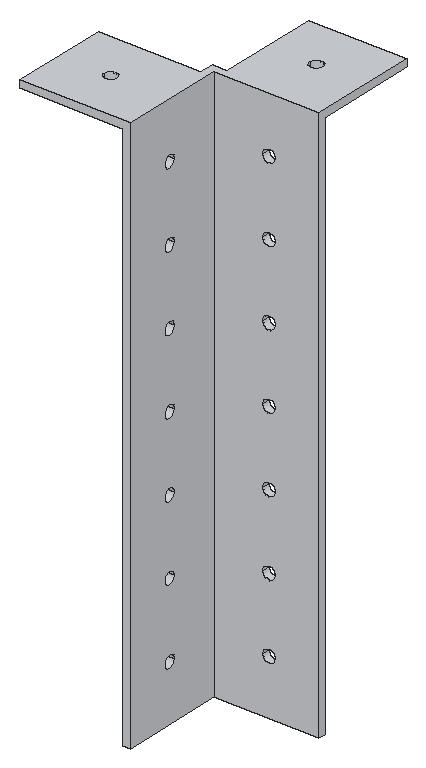
Revit family "StiffClip (R) JC", category Structural Connections, Revit 2026
Family settings
  Material for Model Behavior = Other
  Work Plane-Based = No
  Enable Cutting in Views = No
  Always vertical = No
  Cut with Voids When Loaded = No
  Shared = No
Parameters (values of type "StiffClip® JC 800-97")
  Version = "2.0"
  URL = "http://www.steelnetwork.com/product.aspx/StiffClipJC"
  Manufacturer = "The Steel Network, Inc."
  Keynote = ""
  Is_800-97 = yes
  Is_800-68 = no
  Is_800-43 = no
  Is_600-68 = no
  Is_600-43 = no
  Is_362-400-68 = no
  Is_362-400-43 = no
  Is_1400-97 = no
  Is_1400-68 = no
  Is_1200-97 = no
  Is_1200-68 = no
  Is_1000-97 = no
  Is_1000-68 = no
Types (16): name | Is_800-97 | Is_800-68 | Is_800-43 | Is_600-68 | Is_600-43 | Is_362-400-68 | Is_362-400-43 | Is_1400-97 | Is_1400-68 | Is_1200-97 | Is_1200-68 | Is_1000-97 | Is_1000-68
  (no name) | yes | no | no | no | no | no | no | no | no | no | no | no | no
  StiffClip® JC 362-43 | no | no | no | no | no | no | yes | no | no | no | no | no | no
  StiffClip® JC 400-43 | no | no | no | no | no | no | yes | no | no | no | no | no | no
  StiffClip® JC 362-68 | no | no | no | no | no | yes | no | no | no | no | no | no | no
  StiffClip® JC 400-68 | no | no | no | no | no | yes | no | no | no | no | no | no | no
  StiffClip® JC 600-43 | no | no | no | no | yes | no | no | no | no | no | no | no | no
  StiffClip® JC 600-68 | no | no | no | yes | no | no | no | no | no | no | no | no | no
  StiffClip® JC 800-43 | no | no | yes | no | no | no | no | no | no | no | no | no | no
  StiffClip® JC 800-68 | no | yes | no | no | no | no | no | no | no | no | no | no | no
  StiffClip® JC 800-97 | yes | no | no | no | no | no | no | no | no | no | no | no | no
  StiffClip® JC 1000-68 | no | no | no | no | no | no | no | no | no | no | no | no | yes
  StiffClip® JC 1000-97 | no | no | no | no | no | no | no | no | no | no | no | yes | no
  StiffClip® JC 1200-68 | no | no | no | no | no | no | no | no | no | no | yes | no | no
  StiffClip® JC 1200-97 | no | no | no | no | no | no | no | no | no | yes | no | no | no
  StiffClip® JC 1400-68 | no | no | no | no | no | no | no | no | yes | no | no | no | no
  StiffClip® JC 1400-97 | no | no | no | no | no | no | no | yes | no | no | no | no | no
Reference planes (in)
  plane 1 "Center (Front/Back)": y = 0
  plane 2: z = 0
  plane 3 "Center (Left/Right)": x = 0
Nested families (in)
  nested 1: "StiffClip (R) JC 362-400-43" at (0, 0, 0), visible <- "Is_362-400-43", type "StiffClip (R) JC 362-400-43"
  nested 2: "StiffClip (R) JC 362-400-68" at (0, 0, 0), visible <- "Is_362-400-68", type "StiffClip (R) JC 362-400-68"
  nested 3: "StiffClip (R) JC 600-43" at (0, 0, 0), visible <- "Is_600-43", type "StiffClip (R) JC 600-43"
  nested 4: "StiffClip (R) JC 600-68" at (0, 0, 0), visible <- "Is_600-68", type "StiffClip(R) JC 600-68"
  nested 5: "StiffClip (R) JC 800-43" at (0, 0, 0), visible <- "Is_800-43", type "StiffClip (R) JC 800-43"
  nested 6: "StiffClip (R) JC 800-68" at (0, 0, 0), visible <- "Is_800-68", type "StiffClip® JC 800-68"
  nested 7: "StiffClip (R) JC 800-97" at (0, 0, 0), visible <- "Is_800-97", type "StiffClip® JC 800-97"
  nested 8: "StiffClip (R) JC 1000-68" at (0, 0, 0), visible <- "Is_1000-68", type "StiffClip (R) JC 1000-68"
  nested 9: "StiffClip (R) JC 1000-97" at (0, 0, 0), visible <- "Is_1000-97", type "StiffClip (R) JC 1000-97"
  nested 10: "StiffClip (R) JC 1200-68" at (0, 0, 0), visible <- "Is_1200-68", type "StiffClip (R) JC 1200-68"
  nested 11: "StiffClip (R) JC 1200-97" at (0, 0, 0), visible <- "Is_1200-97", type "StiffClip (R) JC 1200-97"
  nested 12: "StiffClip (R) JC 1400-68" at (0, 0, 0), visible <- "Is_1400-68", type "StiffClip (R) JC 1400-68"
  nested 13: "StiffClip (R) JC 1400-97" at (0, 0, 0), visible <- "Is_1400-97", type "StiffClip (R) JC 1400-97"
Definition of nested family "StiffClip (R) JC 362-400-43"
  Reference planes (in)
    plane 1 "Center (Front/Back)": y = 0
    plane 2: z = 0
    plane 3 "Center (Left/Right)": x = 0
    plane 4: z = 3.5
    plane 5: z = 3.4549
    plane 6: z = 2.75
    plane 7: z = 1.75
    plane 8: z = 0.75
    plane 9: y = 1.375
    plane 10: y = -1.5
    plane 11: x = 1.5
    plane 12: x = -1.375
    plane 13: x = 0.0451
    plane 14: y = -0.0451
    plane 15: x = 0.188
    plane 16: y = -0.188
    plane 17: x = 0.844
    plane 18: y = 0.687
    plane 19: x = -0.687
    plane 20: y = -0.844
  Forms (in)
    Extrusion 1, solid
      sketch origin (0, 0, 0) x (1, 0, 0) y (0, 1, 0)
        loop
          line (-1.375, 1.375) -> (-1.375, -1.5) -> (1.5, -1.5) -> (1.5, 1.375) -> (-1.375, 1.375)
      from 0 to 3.5
    Extrusion 2, void
      sketch origin (0, 0, 0) x (1, 0, 0) y (0, 1, 0)
        loop
          line (0.188, 1.375) -> (-1.375, 1.375) -> (-1.375, -0.188) -> (0, -0.188) -> (0, 0) -> (0.188, 0) -> (0.188, 1.375)
      from 0 to 3.5
    Extrusion 3, void
      sketch origin (0, 0, 0) x (1, 0, 0) y (0, 1, 0)
        loop
          line (1.5, -0.0451) -> (0.0451, -0.0451) -> (0.0451, -1.5) -> (1.5, -1.5) -> (1.5, -0.0451)
      from 0 to 3.5
    Extrusion 4, void
      sketch origin (0, 0, 0) x (1, 0, 0) y (0, 0, 1)
        loop
          line (-1.375, 3.4549) -> (-1.375, 0) -> (0, 0) -> (0, 3.4549) -> (-1.375, 3.4549)
      from 0 to 1.5
    Extrusion 5, void
      sketch origin (0, 0, 0) x (0, 1, 0) y (0, 0, 1)
        loop
          line (1.375, 3.4549) -> (0, 3.4549) -> (0, 0) -> (1.375, 0) -> (1.375, 3.4549)
      from 0 to 1.5
    Extrusion 6, void
      sketch origin (0, 0, 0) x (1, 0, 0) y (0, 1, 0)
        loop
          circle (0.844, 0.687) r 0.086
        loop
          circle (-0.687, -0.844) r 0.086
      from 3.4549 to 3.5
    Extrusion 7, void
      sketch origin (0, 0, 0) x (1, 0, 0) y (0, 0, 1)
        loop
          circle (0.844, 2.75) r 0.086
        loop
          circle (0.844, 1.75) r 0.086
        loop
          circle (0.844, 0.75) r 0.086
      from 0 to 0.0451
    Extrusion 8, void
      sketch origin (0, 0, 0) x (0, 1, 0) y (0, 0, 1)
        loop
          circle (-0.844, 2.75) r 0.086
        loop
          circle (-0.844, 1.75) r 0.086
        loop
          circle (-0.844, 0.75) r 0.086
      from 0 to 0.0451
  Cuts and joins
    Extrusion 2, Extrusion 3, Extrusion 4, Extrusion 5, Extrusion 6, Extrusion 7, Extrusion 8 cuts Extrusion 1
  Dimensions and locks (in)
    aligned and locked: plane 4 to Extrusion 6
Definition of nested family "StiffClip (R) JC 362-400-68"
  Reference planes (in)
    plane 1 "Center (Front/Back)": y = 0
    plane 2: z = 0
    plane 3 "Center (Left/Right)": x = 0
    plane 4: z = 3.5
    plane 5: z = 3.4287
    plane 6: z = 2.75
    plane 7: z = 1.75
    plane 8: z = 0.75
    plane 9: y = 1.375
    plane 10: y = -1.5
    plane 11: x = 1.5
    plane 12: x = -1.375
    plane 13: x = 0.0713
    plane 14: y = -0.0713
    plane 15: x = 0.188
    plane 16: y = -0.188
    plane 17: x = 0.844
    plane 18: y = 0.687
    plane 19: x = -0.687
    plane 20: y = -0.844
  Forms (in)
    Extrusion 1, solid
      sketch origin (0, 0, 0) x (1, 0, 0) y (0, 1, 0)
        loop
          line (-1.375, 1.375) -> (-1.375, -1.5) -> (1.5, -1.5) -> (1.5, 1.375) -> (-1.375, 1.375)
      from 0 to 3.5
    Extrusion 2, void
      sketch origin (0, 0, 0) x (1, 0, 0) y (0, 1, 0)
        loop
          line (0.188, 1.375) -> (-1.375, 1.375) -> (-1.375, -0.188) -> (0, -0.188) -> (0, 0) -> (0.188, 0) -> (0.188, 1.375)
      from 0 to 3.5
    Extrusion 3, void
      sketch origin (0, 0, 0) x (1, 0, 0) y (0, 1, 0)
        loop
          line (1.5, -0.0713) -> (0.0713, -0.0713) -> (0.0713, -1.5) -> (1.5, -1.5) -> (1.5, -0.0713)
      from 0 to 3.5
    Extrusion 4, void
      sketch origin (0, 0, 0) x (1, 0, 0) y (0, 0, 1)
        loop
          line (-1.375, 3.4287) -> (-1.375, 0) -> (0, 0) -> (0, 3.4287) -> (-1.375, 3.4287)
      from 0 to 1.5
    Extrusion 5, void
      sketch origin (0, 0, 0) x (0, 1, 0) y (0, 0, 1)
        loop
          line (1.375, 3.4287) -> (0, 3.4287) -> (0, 0) -> (1.375, 0) -> (1.375, 3.4287)
      from 0 to 1.5
    Extrusion 6, void
      sketch origin (0, 0, 0) x (1, 0, 0) y (0, 1, 0)
        loop
          circle (0.844, 0.687) r 0.086
        loop
          circle (-0.687, -0.844) r 0.086
      from 3.4287 to 3.5
    Extrusion 7, void
      sketch origin (0, 0, 0) x (1, 0, 0) y (0, 0, 1)
        loop
          circle (0.844, 2.75) r 0.086
        loop
          circle (0.844, 1.75) r 0.086
        loop
          circle (0.844, 0.75) r 0.086
      from 0 to 0.0713
    Extrusion 8, void
      sketch origin (0, 0, 0) x (0, 1, 0) y (0, 0, 1)
        loop
          circle (-0.844, 2.75) r 0.086
        loop
          circle (-0.844, 1.75) r 0.086
        loop
          circle (-0.844, 0.75) r 0.086
      from 0 to 0.0713
  Cuts and joins
    Extrusion 2, Extrusion 3, Extrusion 4, Extrusion 5, Extrusion 6, Extrusion 7, Extrusion 8 cuts Extrusion 1
  Dimensions and locks (in)
    aligned and locked: plane 4 to Extrusion 6
Definition of nested family "StiffClip (R) JC 600-43"
  Reference planes (in)
    plane 1 "Center (Front/Back)": y = 0
    plane 2: z = 0
    plane 3 "Center (Left/Right)": x = 0
    plane 4: z = 3.5
    plane 5: z = 3.4549
    plane 6: z = 2.75
    plane 7: z = 1.75
    plane 8: z = 0.75
    plane 9: y = 1.375
    plane 10: y = -1.5
    plane 11: x = 1.5
    plane 12: x = -1.375
    plane 13: x = 0.0451
    plane 14: y = -0.0451
    plane 15: x = 0.188
    plane 16: y = -0.188
    plane 17: x = 0.844
    plane 18: y = 0.687
    plane 19: x = -0.687
    plane 20: y = -0.844
    plane 21: z = -2
    plane 22: z = -1.25
    plane 23: z = -0.25
  Forms (in)
    Extrusion 1, solid
      sketch origin (0, 0, 0) x (1, 0, 0) y (0, 1, 0)
        loop
          line (-1.375, 1.375) -> (-1.375, -1.5) -> (1.5, -1.5) -> (1.5, 1.375) -> (-1.375, 1.375)
      from -2 to 3.5
    Extrusion 2, void
      sketch origin (0, 0, 0) x (1, 0, 0) y (0, 1, 0)
        loop
          line (0.188, 1.375) -> (-1.375, 1.375) -> (-1.375, -0.188) -> (0, -0.188) -> (0, 0) -> (0.188, 0) -> (0.188, 1.375)
      from -2 to 3.5
    Extrusion 3, void
      sketch origin (0, 0, 0) x (1, 0, 0) y (0, 1, 0)
        loop
          line (1.5, -0.0451) -> (0.0451, -0.0451) -> (0.0451, -1.5) -> (1.5, -1.5) -> (1.5, -0.0451)
      from -2 to 3.5
    Extrusion 4, void
      sketch origin (0, 0, 0) x (1, 0, 0) y (0, 0, 1)
        loop
          line (-1.375, 3.4549) -> (-1.375, -2) -> (0, -2) -> (0, 3.4549) -> (-1.375, 3.4549)
      from 0 to 1.5
    Extrusion 5, void
      sketch origin (0, 0, 0) x (0, 1, 0) y (0, 0, 1)
        loop
          line (1.375, 3.4549) -> (0, 3.4549) -> (0, -2) -> (1.375, -2) -> (1.375, 3.4549)
      from 0 to 1.5
    Extrusion 6, void
      sketch origin (0, 0, 0) x (1, 0, 0) y (0, 1, 0)
        loop
          circle (0.844, 0.687) r 0.086
        loop
          circle (-0.687, -0.844) r 0.086
      from 3.4549 to 3.5
    Extrusion 7, void
      sketch origin (0, 0, 0) x (1, 0, 0) y (0, 0, 1)
        loop
          circle (0.844, 2.75) r 0.086
        loop
          circle (0.844, 1.75) r 0.086
        loop
          circle (0.844, 0.75) r 0.086
        loop
          circle (0.844, -0.25) r 0.086
        loop
          circle (0.844, -1.25) r 0.086
      from 0 to 0.0451
    Extrusion 8, void
      sketch origin (0, 0, 0) x (0, 1, 0) y (0, 0, 1)
        loop
          circle (-0.844, 2.75) r 0.086
        loop
          circle (-0.844, 1.75) r 0.086
        loop
          circle (-0.844, 0.75) r 0.086
        loop
          circle (-0.844, -0.25) r 0.086
        loop
          circle (-0.844, -1.25) r 0.086
      from 0 to 0.0451
  Cuts and joins
    Extrusion 2, Extrusion 3, Extrusion 4, Extrusion 5, Extrusion 6, Extrusion 7, Extrusion 8 cuts Extrusion 1
  Dimensions and locks (in)
    aligned and locked: plane 4 to Extrusion 6
Definition of nested family "StiffClip (R) JC 600-68"
  Reference planes (in)
    plane 1 "Center (Front/Back)": y = 0
    plane 2: z = 0
    plane 3 "Center (Left/Right)": x = 0
    plane 4: z = 3.5
    plane 5: z = 3.4287
    plane 6: z = 2.75
    plane 7: z = 1.75
    plane 8: z = 0.75
    plane 9: y = 1.375
    plane 10: y = -1.5
    plane 11: x = 1.5
    plane 12: x = -1.375
    plane 13: x = 0.0713
    plane 14: y = -0.0713
    plane 15: x = 0.188
    plane 16: y = -0.188
    plane 17: x = 0.844
    plane 18: y = 0.687
    plane 19: x = -0.687
    plane 20: y = -0.844
    plane 21: z = -2
    plane 22: z = -1.25
    plane 23: z = -0.25
  Forms (in)
    Extrusion 1, solid
      sketch origin (0, 0, 0) x (1, 0, 0) y (0, 1, 0)
        loop
          line (-1.375, 1.375) -> (-1.375, -1.5) -> (1.5, -1.5) -> (1.5, 1.375) -> (-1.375, 1.375)
      from -2 to 3.5
    Extrusion 2, void
      sketch origin (0, 0, 0) x (1, 0, 0) y (0, 1, 0)
        loop
          line (0.188, 1.375) -> (-1.375, 1.375) -> (-1.375, -0.188) -> (0, -0.188) -> (0, 0) -> (0.188, 0) -> (0.188, 1.375)
      from -2 to 3.5
    Extrusion 3, void
      sketch origin (0, 0, 0) x (1, 0, 0) y (0, 1, 0)
        loop
          line (1.5, -0.0713) -> (0.0713, -0.0713) -> (0.0713, -1.5) -> (1.5, -1.5) -> (1.5, -0.0713)
      from -2 to 3.5
    Extrusion 4, void
      sketch origin (0, 0, 0) x (1, 0, 0) y (0, 0, 1)
        loop
          line (-1.375, 3.4287) -> (-1.375, -2) -> (0, -2) -> (0, 3.4287) -> (-1.375, 3.4287)
      from 0 to 1.5
    Extrusion 5, void
      sketch origin (0, 0, 0) x (0, 1, 0) y (0, 0, 1)
        loop
          line (1.375, 3.4287) -> (0, 3.4287) -> (0, -2) -> (1.375, -2) -> (1.375, 3.4287)
      from 0 to 1.5
    Extrusion 6, void
      sketch origin (0, 0, 0) x (1, 0, 0) y (0, 1, 0)
        loop
          circle (0.844, 0.687) r 0.086
        loop
          circle (-0.687, -0.844) r 0.086
      from 3.4287 to 3.5
    Extrusion 7, void
      sketch origin (0, 0, 0) x (1, 0, 0) y (0, 0, 1)
        loop
          circle (0.844, 2.75) r 0.086
        loop
          circle (0.844, 1.75) r 0.086
        loop
          circle (0.844, 0.75) r 0.086
        loop
          circle (0.844, -0.25) r 0.086
        loop
          circle (0.844, -1.25) r 0.086
      from 0 to 0.0713
    Extrusion 8, void
      sketch origin (0, 0, 0) x (0, 1, 0) y (0, 0, 1)
        loop
          circle (-0.844, 2.75) r 0.086
        loop
          circle (-0.844, 1.75) r 0.086
        loop
          circle (-0.844, 0.75) r 0.086
        loop
          circle (-0.844, -0.25) r 0.086
        loop
          circle (-0.844, -1.25) r 0.086
      from 0 to 0.0713
  Cuts and joins
    Extrusion 2, Extrusion 3, Extrusion 4, Extrusion 5, Extrusion 6, Extrusion 7, Extrusion 8 cuts Extrusion 1
  Dimensions and locks (in)
    aligned and locked: plane 4 to Extrusion 6
    aligned and locked: Extrusion 3 to plane 14
Definition of nested family "StiffClip (R) JC 800-43"
  Reference planes (in)
    plane 1 "Center (Front/Back)": y = 0
    plane 2: z = 0
    plane 3 "Center (Left/Right)": x = 0
    plane 4: z = 3.5
    plane 5: z = 3.4549
    plane 6: z = 2.75
    plane 7: z = 1.75
    plane 8: z = 0.75
    plane 9: y = 1.375
    plane 10: y = -1.5
    plane 11: x = 1.5
    plane 12: x = -1.375
    plane 13: x = 0.0451
    plane 14: y = -0.0451
    plane 15: x = 0.188
    plane 16: y = -0.188
    plane 17: x = 0.844
    plane 18: y = 0.687
    plane 19: x = -0.687
    plane 20: y = -0.844
    plane 21: z = -4
    plane 22: z = -1.25
    plane 23: z = -0.25
  Forms (in)
    Extrusion 1, solid
      sketch origin (0, 0, 0) x (1, 0, 0) y (0, 1, 0)
        loop
          line (-1.375, 1.375) -> (-1.375, -1.5) -> (1.5, -1.5) -> (1.5, 1.375) -> (-1.375, 1.375)
      from -4 to 3.5
    Extrusion 2, void
      sketch origin (0, 0, 0) x (1, 0, 0) y (0, 1, 0)
        loop
          line (0.188, 1.375) -> (-1.375, 1.375) -> (-1.375, -0.188) -> (0, -0.188) -> (0, 0) -> (0.188, 0) -> (0.188, 1.375)
      from -4 to 3.5
    Extrusion 3, void
      sketch origin (0, 0, 0) x (1, 0, 0) y (0, 1, 0)
        loop
          line (1.5, -0.0451) -> (0.0451, -0.0451) -> (0.0451, -1.5) -> (1.5, -1.5) -> (1.5, -0.0451)
      from -4 to 3.5
    Extrusion 4, void
      sketch origin (0, 0, 0) x (1, 0, 0) y (0, 0, 1)
        loop
          line (-1.375, 3.4549) -> (-1.375, -4) -> (0, -4) -> (0, 3.4549) -> (-1.375, 3.4549)
      from 0 to 1.5
    Extrusion 5, void
      sketch origin (0, 0, 0) x (0, 1, 0) y (0, 0, 1)
        loop
          line (1.375, 3.4549) -> (0, 3.4549) -> (0, -4) -> (1.375, -4) -> (1.375, 3.4549)
      from 0 to 1.5
    Extrusion 6, void
      sketch origin (0, 0, 0) x (1, 0, 0) y (0, 1, 0)
        loop
          circle (0.844, 0.687) r 0.086
        loop
          circle (-0.687, -0.844) r 0.086
      from 3.4549 to 3.5
    Extrusion 7, void
      sketch origin (0, 0, 0) x (1, 0, 0) y (0, 0, 1)
        loop
          circle (0.844, 2.75) r 0.086
        loop
          circle (0.844, 1.75) r 0.086
        loop
          circle (0.844, 0.75) r 0.086
        loop
          circle (0.844, -0.25) r 0.086
        loop
          circle (0.844, -1.25) r 0.086
        loop
          circle (0.844, -2.25) r 0.086
        loop
          circle (0.844, -3.25) r 0.086
      from 0 to 0.0451
    Extrusion 8, void
      sketch origin (0, 0, 0) x (0, 1, 0) y (0, 0, 1)
        loop
          circle (-0.844, 2.75) r 0.086
        loop
          circle (-0.844, 1.75) r 0.086
        loop
          circle (-0.844, 0.75) r 0.086
        loop
          circle (-0.844, -0.25) r 0.086
        loop
          circle (-0.844, -1.25) r 0.086
        loop
          circle (-0.844, -2.25) r 0.086
        loop
          circle (-0.844, -3.25) r 0.086
      from 0 to 0.0451
  Cuts and joins
    Extrusion 2, Extrusion 3, Extrusion 4, Extrusion 5, Extrusion 6, Extrusion 7, Extrusion 8 cuts Extrusion 1
  Dimensions and locks (in)
    aligned and locked: plane 4 to Extrusion 6
    aligned and locked: Extrusion 3 to plane 14
    aligned and locked: Extrusion 6 to plane 5
Definition of nested family "StiffClip (R) JC 800-68"
  Reference planes (in)
    plane 1 "Center (Front/Back)": y = 0
    plane 2: z = 0
    plane 3 "Center (Left/Right)": x = 0
    plane 4: z = 3.5
    plane 5: z = 3.4287
    plane 6: z = 2.75
    plane 7: z = 1.75
    plane 8: z = 0.75
    plane 9: y = 1.375
    plane 10: y = -1.5
    plane 11: x = 1.5
    plane 12: x = -1.375
    plane 13: x = 0.0713
    plane 14: y = -0.0713
    plane 15: x = 0.188
    plane 16: y = -0.188
    plane 17: x = 0.844
    plane 18: y = 0.687
    plane 19: x = -0.687
    plane 20: y = -0.844
    plane 21: z = -4
    plane 22: z = -1.25
    plane 23: z = -0.25
  Forms (in)
    Extrusion 1, solid
      sketch origin (0, 0, 0) x (1, 0, 0) y (0, 1, 0)
        loop
          line (-1.375, 1.375) -> (-1.375, -1.5) -> (1.5, -1.5) -> (1.5, 1.375) -> (-1.375, 1.375)
      from -4 to 3.5
    Extrusion 2, void
      sketch origin (0, 0, 0) x (1, 0, 0) y (0, 1, 0)
        loop
          line (0.188, 1.375) -> (-1.375, 1.375) -> (-1.375, -0.188) -> (0, -0.188) -> (0, 0) -> (0.188, 0) -> (0.188, 1.375)
      from -4 to 3.5
    Extrusion 3, void
      sketch origin (0, 0, 0) x (1, 0, 0) y (0, 1, 0)
        loop
          line (1.5, -0.0713) -> (0.0713, -0.0713) -> (0.0713, -1.5) -> (1.5, -1.5) -> (1.5, -0.0713)
      from -4 to 3.5
    Extrusion 4, void
      sketch origin (0, 0, 0) x (1, 0, 0) y (0, 0, 1)
        loop
          line (-1.375, 3.4287) -> (-1.375, -4) -> (0, -4) -> (0, 3.4287) -> (-1.375, 3.4287)
      from 0 to 1.5
    Extrusion 5, void
      sketch origin (0, 0, 0) x (0, 1, 0) y (0, 0, 1)
        loop
          line (1.375, 3.4287) -> (0, 3.4287) -> (0, -4) -> (1.375, -4) -> (1.375, 3.4287)
      from 0 to 1.5
    Extrusion 6, void
      sketch origin (0, 0, 0) x (1, 0, 0) y (0, 1, 0)
        loop
          circle (0.844, 0.687) r 0.086
        loop
          circle (-0.687, -0.844) r 0.086
      from 3.4287 to 3.5
    Extrusion 7, void
      sketch origin (0, 0, 0) x (1, 0, 0) y (0, 0, 1)
        loop
          circle (0.844, 2.75) r 0.086
        loop
          circle (0.844, 1.75) r 0.086
        loop
          circle (0.844, 0.75) r 0.086
        loop
          circle (0.844, -0.25) r 0.086
        loop
          circle (0.844, -1.25) r 0.086
        loop
          circle (0.844, -2.25) r 0.086
        loop
          circle (0.844, -3.25) r 0.086
      from 0 to 0.0713
    Extrusion 8, void
      sketch origin (0, 0, 0) x (0, 1, 0) y (0, 0, 1)
        loop
          circle (-0.844, 2.75) r 0.086
        loop
          circle (-0.844, 1.75) r 0.086
        loop
          circle (-0.844, 0.75) r 0.086
        loop
          circle (-0.844, -0.25) r 0.086
        loop
          circle (-0.844, -1.25) r 0.086
        loop
          circle (-0.844, -2.25) r 0.086
        loop
          circle (-0.844, -3.25) r 0.086
      from 0 to 0.0713
  Cuts and joins
    Extrusion 2, Extrusion 3, Extrusion 4, Extrusion 5, Extrusion 6, Extrusion 7, Extrusion 8 cuts Extrusion 1
  Dimensions and locks (in)
    aligned and locked: plane 4 to Extrusion 6
    aligned and locked: Extrusion 3 to plane 14
Definition of nested family "StiffClip (R) JC 800-97"
  Reference planes (in)
    plane 1 "Center (Front/Back)": y = 0
    plane 2: z = 0
    plane 3 "Center (Left/Right)": x = 0
    plane 4: z = 3.5
    plane 5: z = 3.3983
    plane 6: z = 2.75
    plane 7: z = 1.75
    plane 8: z = 0.75
    plane 9: y = 1.375
    plane 10: y = -1.5
    plane 11: x = 1.5
    plane 12: x = -1.375
    plane 13: x = 0.1017
    plane 14: y = -0.1017
    plane 15: x = 0.188
    plane 16: y = -0.188
    plane 17: x = 0.844
    plane 18: y = 0.687
    plane 19: x = -0.687
    plane 20: y = -0.844
    plane 21: z = -4
    plane 22: z = -1.25
    plane 23: z = -0.25
  Forms (in)
    Extrusion 1, solid
      sketch origin (0, 0, 0) x (1, 0, 0) y (0, 1, 0)
        loop
          line (-1.375, 1.375) -> (-1.375, -1.5) -> (1.5, -1.5) -> (1.5, 1.375) -> (-1.375, 1.375)
      from -4 to 3.5
    Extrusion 2, void
      sketch origin (0, 0, 0) x (1, 0, 0) y (0, 1, 0)
        loop
          line (0.188, 1.375) -> (-1.375, 1.375) -> (-1.375, -0.188) -> (0, -0.188) -> (0, 0) -> (0.188, 0) -> (0.188, 1.375)
      from -4 to 3.5
    Extrusion 3, void
      sketch origin (0, 0, 0) x (1, 0, 0) y (0, 1, 0)
        loop
          line (1.5, -0.1017) -> (0.1017, -0.1017) -> (0.1017, -1.5) -> (1.5, -1.5) -> (1.5, -0.1017)
      from -4 to 3.5
    Extrusion 4, void
      sketch origin (0, 0, 0) x (1, 0, 0) y (0, 0, 1)
        loop
          line (-1.375, 3.3983) -> (-1.375, -4) -> (0, -4) -> (0, 3.3983) -> (-1.375, 3.3983)
      from 0 to 1.5
    Extrusion 5, void
      sketch origin (0, 0, 0) x (0, 1, 0) y (0, 0, 1)
        loop
          line (1.375, 3.3983) -> (0, 3.3983) -> (0, -4) -> (1.375, -4) -> (1.375, 3.3983)
      from 0 to 1.5
    Extrusion 6, void
      sketch origin (0, 0, 0) x (1, 0, 0) y (0, 1, 0)
        loop
          circle (0.844, 0.687) r 0.086
        loop
          circle (-0.687, -0.844) r 0.086
      from 3.3983 to 3.5
    Extrusion 7, void
      sketch origin (0, 0, 0) x (1, 0, 0) y (0, 0, 1)
        loop
          circle (0.844, 2.75) r 0.086
        loop
          circle (0.844, 1.75) r 0.086
        loop
          circle (0.844, 0.75) r 0.086
        loop
          circle (0.844, -0.25) r 0.086
        loop
          circle (0.844, -1.25) r 0.086
        loop
          circle (0.844, -2.25) r 0.086
        loop
          circle (0.844, -3.25) r 0.086
      from 0 to 0.1017
    Extrusion 8, void
      sketch origin (0, 0, 0) x (0, 1, 0) y (0, 0, 1)
        loop
          circle (-0.844, 2.75) r 0.086
        loop
          circle (-0.844, 1.75) r 0.086
        loop
          circle (-0.844, 0.75) r 0.086
        loop
          circle (-0.844, -0.25) r 0.086
        loop
          circle (-0.844, -1.25) r 0.086
        loop
          circle (-0.844, -2.25) r 0.086
        loop
          circle (-0.844, -3.25) r 0.086
      from 0 to 0.1017
  Cuts and joins
    Extrusion 2, Extrusion 3, Extrusion 4, Extrusion 5, Extrusion 6, Extrusion 7, Extrusion 8 cuts Extrusion 1
  Dimensions and locks (in)
    aligned and locked: plane 4 to Extrusion 6
    aligned and locked: Extrusion 3 to plane 14
    aligned and locked: Extrusion 6 to plane 5
Definition of nested family "StiffClip (R) JC 1000-68"
  Reference planes (in)
    plane 1 "Center (Front/Back)": y = 0
    plane 2: z = 0
    plane 3 "Center (Left/Right)": x = 0
    plane 4: z = 3.5
    plane 5: z = 3.4287
    plane 6: z = 2.75
    plane 7: z = 1.75
    plane 8: z = 0.75
    plane 9: y = 1.375
    plane 10: y = -1.5
    plane 11: x = 1.5
    plane 12: x = -1.375
    plane 13: x = 0.0713
    plane 14: y = -0.0713
    plane 15: x = 0.188
    plane 16: y = -0.188
    plane 17: x = 0.844
    plane 18: y = 0.687
    plane 19: x = -0.687
    plane 20: y = -0.844
    plane 21: z = -6
    plane 22: z = -1.25
    plane 23: z = -0.25
  Forms (in)
    Extrusion 1, solid
      sketch origin (0, 0, 0) x (1, 0, 0) y (0, 1, 0)
        loop
          line (-1.375, 1.375) -> (-1.375, -1.5) -> (1.5, -1.5) -> (1.5, 1.375) -> (-1.375, 1.375)
      from -6 to 3.5
    Extrusion 2, void
      sketch origin (0, 0, 0) x (1, 0, 0) y (0, 1, 0)
        loop
          line (0.188, 1.375) -> (-1.375, 1.375) -> (-1.375, -0.188) -> (0, -0.188) -> (0, 0) -> (0.188, 0) -> (0.188, 1.375)
      from -6 to 3.5
    Extrusion 3, void
      sketch origin (0, 0, 0) x (1, 0, 0) y (0, 1, 0)
        loop
          line (1.5, -0.0713) -> (0.0713, -0.0713) -> (0.0713, -1.5) -> (1.5, -1.5) -> (1.5, -0.0713)
      from -6 to 3.5
    Extrusion 4, void
      sketch origin (0, 0, 0) x (1, 0, 0) y (0, 0, 1)
        loop
          line (-1.375, 3.4287) -> (-1.375, -6) -> (0, -6) -> (0, 3.4287) -> (-1.375, 3.4287)
      from 0 to 1.5
    Extrusion 5, void
      sketch origin (0, 0, 0) x (0, 1, 0) y (0, 0, 1)
        loop
          line (1.375, 3.4287) -> (0, 3.4287) -> (0, -6) -> (1.375, -6) -> (1.375, 3.4287)
      from 0 to 1.5
    Extrusion 6, void
      sketch origin (0, 0, 0) x (1, 0, 0) y (0, 1, 0)
        loop
          circle (0.844, 0.687) r 0.086
        loop
          circle (-0.687, -0.844) r 0.086
      from 3.4287 to 3.5
    Extrusion 7, void
      sketch origin (0, 0, 0) x (1, 0, 0) y (0, 0, 1)
        loop
          circle (0.844, 2.75) r 0.086
        loop
          circle (0.844, 1.75) r 0.086
        loop
          circle (0.844, 0.75) r 0.086
        loop
          circle (0.844, -0.25) r 0.086
        loop
          circle (0.844, -1.25) r 0.086
        loop
          circle (0.844, -2.25) r 0.086
        loop
          circle (0.844, -3.25) r 0.086
        loop
          circle (0.844, -4.25) r 0.086
        loop
          circle (0.844, -5.25) r 0.086
      from 0 to 0.0713
    Extrusion 8, void
      sketch origin (0, 0, 0) x (0, 1, 0) y (0, 0, 1)
        loop
          circle (-0.844, 2.75) r 0.086
        loop
          circle (-0.844, 1.75) r 0.086
        loop
          circle (-0.844, 0.75) r 0.086
        loop
          circle (-0.844, -0.25) r 0.086
        loop
          circle (-0.844, -1.25) r 0.086
        loop
          circle (-0.844, -2.25) r 0.086
        loop
          circle (-0.844, -3.25) r 0.086
        loop
          circle (-0.844, -4.25) r 0.086
        loop
          circle (-0.844, -5.25) r 0.086
      from 0 to 0.0713
  Cuts and joins
    Extrusion 2, Extrusion 3, Extrusion 4, Extrusion 5, Extrusion 6, Extrusion 7, Extrusion 8 cuts Extrusion 1
  Dimensions and locks (in)
    aligned and locked: plane 4 to Extrusion 6
    aligned and locked: Extrusion 3 to plane 14
Definition of nested family "StiffClip (R) JC 1000-97"
  Reference planes (in)
    plane 1 "Center (Front/Back)": y = 0
    plane 2: z = 0
    plane 3 "Center (Left/Right)": x = 0
    plane 4: z = 3.5
    plane 5: z = 3.3983
    plane 6: z = 2.75
    plane 7: z = 1.75
    plane 8: z = 0.75
    plane 9: y = 1.375
    plane 10: y = -1.5
    plane 11: x = 1.5
    plane 12: x = -1.375
    plane 13: x = 0.1017
    plane 14: y = -0.1017
    plane 15: x = 0.188
    plane 16: y = -0.188
    plane 17: x = 0.844
    plane 18: y = 0.687
    plane 19: x = -0.687
    plane 20: y = -0.844
    plane 21: z = -6
    plane 22: z = -1.25
    plane 23: z = -0.25
  Forms (in)
    Extrusion 1, solid
      sketch origin (0, 0, 0) x (1, 0, 0) y (0, 1, 0)
        loop
          line (-1.375, 1.375) -> (-1.375, -1.5) -> (1.5, -1.5) -> (1.5, 1.375) -> (-1.375, 1.375)
      from -6 to 3.5
    Extrusion 2, void
      sketch origin (0, 0, 0) x (1, 0, 0) y (0, 1, 0)
        loop
          line (0.188, 1.375) -> (-1.375, 1.375) -> (-1.375, -0.188) -> (0, -0.188) -> (0, 0) -> (0.188, 0) -> (0.188, 1.375)
      from -6 to 3.5
    Extrusion 3, void
      sketch origin (0, 0, 0) x (1, 0, 0) y (0, 1, 0)
        loop
          line (1.5, -0.1017) -> (0.1017, -0.1017) -> (0.1017, -1.5) -> (1.5, -1.5) -> (1.5, -0.1017)
      from -6 to 3.5
    Extrusion 4, void
      sketch origin (0, 0, 0) x (1, 0, 0) y (0, 0, 1)
        loop
          line (-1.375, 3.3983) -> (-1.375, -6) -> (0, -6) -> (0, 3.3983) -> (-1.375, 3.3983)
      from 0 to 1.5
    Extrusion 5, void
      sketch origin (0, 0, 0) x (0, 1, 0) y (0, 0, 1)
        loop
          line (1.375, 3.3983) -> (0, 3.3983) -> (0, -6) -> (1.375, -6) -> (1.375, 3.3983)
      from 0 to 1.5
    Extrusion 6, void
      sketch origin (0, 0, 0) x (1, 0, 0) y (0, 1, 0)
        loop
          circle (0.844, 0.687) r 0.086
        loop
          circle (-0.687, -0.844) r 0.086
      from 3.3983 to 3.5
    Extrusion 7, void
      sketch origin (0, 0, 0) x (1, 0, 0) y (0, 0, 1)
        loop
          circle (0.844, 2.75) r 0.086
        loop
          circle (0.844, 1.75) r 0.086
        loop
          circle (0.844, 0.75) r 0.086
        loop
          circle (0.844, -0.25) r 0.086
        loop
          circle (0.844, -1.25) r 0.086
        loop
          circle (0.844, -2.25) r 0.086
        loop
          circle (0.844, -3.25) r 0.086
        loop
          circle (0.844, -4.25) r 0.086
        loop
          circle (0.844, -5.25) r 0.086
      from 0 to 0.1017
    Extrusion 8, void
      sketch origin (0, 0, 0) x (0, 1, 0) y (0, 0, 1)
        loop
          circle (-0.844, 2.75) r 0.086
        loop
          circle (-0.844, 1.75) r 0.086
        loop
          circle (-0.844, 0.75) r 0.086
        loop
          circle (-0.844, -0.25) r 0.086
        loop
          circle (-0.844, -1.25) r 0.086
        loop
          circle (-0.844, -2.25) r 0.086
        loop
          circle (-0.844, -3.25) r 0.086
        loop
          circle (-0.844, -4.25) r 0.086
        loop
          circle (-0.844, -5.25) r 0.086
      from 0 to 0.1017
  Cuts and joins
    Extrusion 2, Extrusion 3, Extrusion 4, Extrusion 5, Extrusion 6, Extrusion 7, Extrusion 8 cuts Extrusion 1
  Dimensions and locks (in)
    aligned and locked: plane 4 to Extrusion 6
    aligned and locked: Extrusion 3 to plane 14
Definition of nested family "StiffClip (R) JC 1200-68"
  Reference planes (in)
    plane 1 "Center (Front/Back)": y = 0
    plane 2: z = 0
    plane 3 "Center (Left/Right)": x = 0
    plane 4: z = 3.5
    plane 5: z = 3.4287
    plane 6: z = 2.75
    plane 7: z = 1.75
    plane 8: z = 0.75
    plane 9: y = 1.375
    plane 10: y = -1.5
    plane 11: x = 1.5
    plane 12: x = -1.375
    plane 13: x = 0.0713
    plane 14: y = -0.0713
    plane 15: x = 0.188
    plane 16: y = -0.188
    plane 17: x = 0.844
    plane 18: y = 0.687
    plane 19: x = -0.687
    plane 20: y = -0.844
    plane 21: z = -8
    plane 22: z = -1.25
    plane 23: z = -0.25
  Forms (in)
    Extrusion 1, solid
      sketch origin (0, 0, 0) x (1, 0, 0) y (0, 1, 0)
        loop
          line (-1.375, 1.375) -> (-1.375, -1.5) -> (1.5, -1.5) -> (1.5, 1.375) -> (-1.375, 1.375)
      from -8 to 3.5
    Extrusion 2, void
      sketch origin (0, 0, 0) x (1, 0, 0) y (0, 1, 0)
        loop
          line (0.188, 1.375) -> (-1.375, 1.375) -> (-1.375, -0.188) -> (0, -0.188) -> (0, 0) -> (0.188, 0) -> (0.188, 1.375)
      from -8 to 3.5
    Extrusion 3, void
      sketch origin (0, 0, 0) x (1, 0, 0) y (0, 1, 0)
        loop
          line (1.5, -0.0713) -> (0.0713, -0.0713) -> (0.0713, -1.5) -> (1.5, -1.5) -> (1.5, -0.0713)
      from -8 to 3.5
    Extrusion 4, void
      sketch origin (0, 0, 0) x (1, 0, 0) y (0, 0, 1)
        loop
          line (-1.375, 3.4287) -> (-1.375, -8) -> (0, -8) -> (0, 3.4287) -> (-1.375, 3.4287)
      from 0 to 1.5
    Extrusion 5, void
      sketch origin (0, 0, 0) x (0, 1, 0) y (0, 0, 1)
        loop
          line (1.375, 3.4287) -> (0, 3.4287) -> (0, -8) -> (1.375, -8) -> (1.375, 3.4287)
      from 0 to 1.5
    Extrusion 6, void
      sketch origin (0, 0, 0) x (1, 0, 0) y (0, 1, 0)
        loop
          circle (0.844, 0.687) r 0.086
        loop
          circle (-0.687, -0.844) r 0.086
      from 3.4287 to 3.5
    Extrusion 7, void
      sketch origin (0, 0, 0) x (1, 0, 0) y (0, 0, 1)
        loop
          circle (0.844, 2.75) r 0.086
        loop
          circle (0.844, 1.75) r 0.086
        loop
          circle (0.844, 0.75) r 0.086
        loop
          circle (0.844, -0.25) r 0.086
        loop
          circle (0.844, -1.25) r 0.086
        loop
          circle (0.844, -2.25) r 0.086
        loop
          circle (0.844, -3.25) r 0.086
        loop
          circle (0.844, -4.25) r 0.086
        loop
          circle (0.844, -5.25) r 0.086
        loop
          circle (0.844, -6.25) r 0.086
        loop
          circle (0.844, -7.25) r 0.086
      from 0 to 0.0713
    Extrusion 8, void
      sketch origin (0, 0, 0) x (0, 1, 0) y (0, 0, 1)
        loop
          circle (-0.844, 2.75) r 0.086
        loop
          circle (-0.844, 1.75) r 0.086
        loop
          circle (-0.844, 0.75) r 0.086
        loop
          circle (-0.844, -0.25) r 0.086
        loop
          circle (-0.844, -1.25) r 0.086
        loop
          circle (-0.844, -2.25) r 0.086
        loop
          circle (-0.844, -3.25) r 0.086
        loop
          circle (-0.844, -4.25) r 0.086
        loop
          circle (-0.844, -5.25) r 0.086
        loop
          circle (-0.844, -6.25) r 0.086
        loop
          circle (-0.844, -7.25) r 0.086
      from 0 to 0.0713
  Cuts and joins
    Extrusion 2, Extrusion 3, Extrusion 4, Extrusion 5, Extrusion 6, Extrusion 7, Extrusion 8 cuts Extrusion 1
  Dimensions and locks (in)
    aligned and locked: plane 4 to Extrusion 6
    aligned and locked: Extrusion 3 to plane 14
Definition of nested family "StiffClip (R) JC 1200-97"
  Reference planes (in)
    plane 1 "Center (Front/Back)": y = 0
    plane 2: z = 0
    plane 3 "Center (Left/Right)": x = 0
    plane 4: z = 3.5
    plane 5: z = 3.3983
    plane 6: z = 2.75
    plane 7: z = 1.75
    plane 8: z = 0.75
    plane 9: y = 1.375
    plane 10: y = -1.5
    plane 11: x = 1.5
    plane 12: x = -1.375
    plane 13: x = 0.1017
    plane 14: y = -0.1017
    plane 15: x = 0.188
    plane 16: y = -0.188
    plane 17: x = 0.844
    plane 18: y = 0.687
    plane 19: x = -0.687
    plane 20: y = -0.844
    plane 21: z = -8
    plane 22: z = -1.25
    plane 23: z = -0.25
  Forms (in)
    Extrusion 1, solid
      sketch origin (0, 0, 0) x (1, 0, 0) y (0, 1, 0)
        loop
          line (-1.375, 1.375) -> (-1.375, -1.5) -> (1.5, -1.5) -> (1.5, 1.375) -> (-1.375, 1.375)
      from -8 to 3.5
    Extrusion 2, void
      sketch origin (0, 0, 0) x (1, 0, 0) y (0, 1, 0)
        loop
          line (0.188, 1.375) -> (-1.375, 1.375) -> (-1.375, -0.188) -> (0, -0.188) -> (0, 0) -> (0.188, 0) -> (0.188, 1.375)
      from -8 to 3.5
    Extrusion 3, void
      sketch origin (0, 0, 0) x (1, 0, 0) y (0, 1, 0)
        loop
          line (1.5, -0.1017) -> (0.1017, -0.1017) -> (0.1017, -1.5) -> (1.5, -1.5) -> (1.5, -0.1017)
      from -8 to 3.5
    Extrusion 4, void
      sketch origin (0, 0, 0) x (1, 0, 0) y (0, 0, 1)
        loop
          line (-1.375, 3.3983) -> (-1.375, -8) -> (0, -8) -> (0, 3.3983) -> (-1.375, 3.3983)
      from 0 to 1.5
    Extrusion 5, void
      sketch origin (0, 0, 0) x (0, 1, 0) y (0, 0, 1)
        loop
          line (1.375, 3.3983) -> (0, 3.3983) -> (0, -8) -> (1.375, -8) -> (1.375, 3.3983)
      from 0 to 1.5
    Extrusion 6, void
      sketch origin (0, 0, 0) x (1, 0, 0) y (0, 1, 0)
        loop
          circle (0.844, 0.687) r 0.086
        loop
          circle (-0.687, -0.844) r 0.086
      from 3.3983 to 3.5
    Extrusion 7, void
      sketch origin (0, 0, 0) x (1, 0, 0) y (0, 0, 1)
        loop
          circle (0.844, 2.75) r 0.086
        loop
          circle (0.844, 1.75) r 0.086
        loop
          circle (0.844, 0.75) r 0.086
        loop
          circle (0.844, -0.25) r 0.086
        loop
          circle (0.844, -1.25) r 0.086
        loop
          circle (0.844, -2.25) r 0.086
        loop
          circle (0.844, -3.25) r 0.086
        loop
          circle (0.844, -4.25) r 0.086
        loop
          circle (0.844, -5.25) r 0.086
        loop
          circle (0.844, -6.25) r 0.086
        loop
          circle (0.844, -7.25) r 0.086
      from 0 to 0.1017
    Extrusion 8, void
      sketch origin (0, 0, 0) x (0, 1, 0) y (0, 0, 1)
        loop
          circle (-0.844, 2.75) r 0.086
        loop
          circle (-0.844, 1.75) r 0.086
        loop
          circle (-0.844, 0.75) r 0.086
        loop
          circle (-0.844, -0.25) r 0.086
        loop
          circle (-0.844, -1.25) r 0.086
        loop
          circle (-0.844, -2.25) r 0.086
        loop
          circle (-0.844, -3.25) r 0.086
        loop
          circle (-0.844, -4.25) r 0.086
        loop
          circle (-0.844, -5.25) r 0.086
        loop
          circle (-0.844, -6.25) r 0.086
        loop
          circle (-0.844, -7.25) r 0.086
      from 0 to 0.1017
  Cuts and joins
    Extrusion 2, Extrusion 3, Extrusion 4, Extrusion 5, Extrusion 6, Extrusion 7, Extrusion 8 cuts Extrusion 1
  Dimensions and locks (in)
    aligned and locked: plane 4 to Extrusion 6
    aligned and locked: Extrusion 3 to plane 14
Definition of nested family "StiffClip (R) JC 1400-68"
  Reference planes (in)
    plane 1 "Center (Front/Back)": y = 0
    plane 2: z = 0
    plane 3 "Center (Left/Right)": x = 0
    plane 4: z = 3.5
    plane 5: z = 3.4287
    plane 6: z = 2.75
    plane 7: z = 1.75
    plane 8: z = 0.75
    plane 9: y = 1.375
    plane 10: y = -1.5
    plane 11: x = 1.5
    plane 12: x = -1.375
    plane 13: x = 0.0713
    plane 14: y = -0.0713
    plane 15: x = 0.188
    plane 16: y = -0.188
    plane 17: x = 0.844
    plane 18: y = 0.687
    plane 19: x = -0.687
    plane 20: y = -0.844
    plane 21: z = -10
    plane 22: z = -1.25
    plane 23: z = -0.25
  Forms (in)
    Extrusion 1, solid
      sketch origin (0, 0, 0) x (1, 0, 0) y (0, 1, 0)
        loop
          line (-1.375, 1.375) -> (-1.375, -1.5) -> (1.5, -1.5) -> (1.5, 1.375) -> (-1.375, 1.375)
      from -10 to 3.5
    Extrusion 2, void
      sketch origin (0, 0, 0) x (1, 0, 0) y (0, 1, 0)
        loop
          line (0.188, 1.375) -> (-1.375, 1.375) -> (-1.375, -0.188) -> (0, -0.188) -> (0, 0) -> (0.188, 0) -> (0.188, 1.375)
      from -10 to 3.5
    Extrusion 3, void
      sketch origin (0, 0, 0) x (1, 0, 0) y (0, 1, 0)
        loop
          line (1.5, -0.0713) -> (0.0713, -0.0713) -> (0.0713, -1.5) -> (1.5, -1.5) -> (1.5, -0.0713)
      from -10 to 3.5
    Extrusion 4, void
      sketch origin (0, 0, 0) x (1, 0, 0) y (0, 0, 1)
        loop
          line (-1.375, 3.4287) -> (-1.375, -10) -> (0, -10) -> (0, 3.4287) -> (-1.375, 3.4287)
      from 0 to 1.5
    Extrusion 5, void
      sketch origin (0, 0, 0) x (0, 1, 0) y (0, 0, 1)
        loop
          line (1.375, 3.4287) -> (0, 3.4287) -> (0, -10) -> (1.375, -10) -> (1.375, 3.4287)
      from 0 to 1.5
    Extrusion 6, void
      sketch origin (0, 0, 0) x (1, 0, 0) y (0, 1, 0)
        loop
          circle (0.844, 0.687) r 0.086
        loop
          circle (-0.687, -0.844) r 0.086
      from 3.4287 to 3.5
    Extrusion 7, void
      sketch origin (0, 0, 0) x (1, 0, 0) y (0, 0, 1)
        loop
          circle (0.844, 2.75) r 0.086
        loop
          circle (0.844, 1.75) r 0.086
        loop
          circle (0.844, 0.75) r 0.086
        loop
          circle (0.844, -0.25) r 0.086
        loop
          circle (0.844, -1.25) r 0.086
        loop
          circle (0.844, -2.25) r 0.086
        loop
          circle (0.844, -3.25) r 0.086
        loop
          circle (0.844, -4.25) r 0.086
        loop
          circle (0.844, -5.25) r 0.086
        loop
          circle (0.844, -6.25) r 0.086
        loop
          circle (0.844, -7.25) r 0.086
        loop
          circle (0.844, -8.25) r 0.086
        loop
          circle (0.844, -9.25) r 0.086
      from 0 to 0.0713
    Extrusion 8, void
      sketch origin (0, 0, 0) x (0, 1, 0) y (0, 0, 1)
        loop
          circle (-0.844, 2.75) r 0.086
        loop
          circle (-0.844, 1.75) r 0.086
        loop
          circle (-0.844, 0.75) r 0.086
        loop
          circle (-0.844, -0.25) r 0.086
        loop
          circle (-0.844, -1.25) r 0.086
        loop
          circle (-0.844, -2.25) r 0.086
        loop
          circle (-0.844, -3.25) r 0.086
        loop
          circle (-0.844, -4.25) r 0.086
        loop
          circle (-0.844, -5.25) r 0.086
        loop
          circle (-0.844, -6.25) r 0.086
        loop
          circle (-0.844, -7.25) r 0.086
        loop
          circle (-0.844, -8.25) r 0.086
        loop
          circle (-0.844, -9.25) r 0.086
      from 0 to 0.0713
  Cuts and joins
    Extrusion 2, Extrusion 3, Extrusion 4, Extrusion 5, Extrusion 6, Extrusion 7, Extrusion 8 cuts Extrusion 1
  Dimensions and locks (in)
    Extrusion 4 to Extrusion 1 = 1.5000"
    aligned and locked: plane 4 to Extrusion 6
    aligned and locked: Extrusion 3 to plane 14
Definition of nested family "StiffClip (R) JC 1400-97"
  Reference planes (in)
    plane 1 "Center (Front/Back)": y = 0
    plane 2: z = 0
    plane 3 "Center (Left/Right)": x = 0
    plane 4: z = 3.5
    plane 5: z = 3.3983
    plane 6: z = 2.75
    plane 7: z = 1.75
    plane 8: z = 0.75
    plane 9: y = 1.375
    plane 10: y = -1.5
    plane 11: x = 1.5
    plane 12: x = -1.375
    plane 13: x = 0.1017
    plane 14: y = -0.1017
    plane 15: x = 0.188
    plane 16: y = -0.188
    plane 17: x = 0.844
    plane 18: y = 0.687
    plane 19: x = -0.687
    plane 20: y = -0.844
    plane 21: z = -10
    plane 22: z = -1.25
    plane 23: z = -0.25
  Forms (in)
    Extrusion 1, solid
      sketch origin (0, 0, 0) x (1, 0, 0) y (0, 1, 0)
        loop
          line (-1.375, 1.375) -> (-1.375, -1.5) -> (1.5, -1.5) -> (1.5, 1.375) -> (-1.375, 1.375)
      from -10 to 3.5
    Extrusion 2, void
      sketch origin (0, 0, 0) x (1, 0, 0) y (0, 1, 0)
        loop
          line (0.188, 1.375) -> (-1.375, 1.375) -> (-1.375, -0.188) -> (0, -0.188) -> (0, 0) -> (0.188, 0) -> (0.188, 1.375)
      from -10 to 3.5
    Extrusion 3, void
      sketch origin (0, 0, 0) x (1, 0, 0) y (0, 1, 0)
        loop
          line (1.5, -0.1017) -> (0.1017, -0.1017) -> (0.1017, -1.5) -> (1.5, -1.5) -> (1.5, -0.1017)
      from -10 to 3.5
    Extrusion 4, void
      sketch origin (0, 0, 0) x (1, 0, 0) y (0, 0, 1)
        loop
          line (-1.375, 3.3983) -> (-1.375, -10) -> (0, -10) -> (0, 3.3983) -> (-1.375, 3.3983)
      from 0 to 1.5
    Extrusion 5, void
      sketch origin (0, 0, 0) x (0, 1, 0) y (0, 0, 1)
        loop
          line (1.375, 3.3983) -> (0, 3.3983) -> (0, -10) -> (1.375, -10) -> (1.375, 3.3983)
      from 0 to 1.5
    Extrusion 6, void
      sketch origin (0, 0, 0) x (1, 0, 0) y (0, 1, 0)
        loop
          circle (0.844, 0.687) r 0.086
        loop
          circle (-0.687, -0.844) r 0.086
      from 3.3983 to 3.5
    Extrusion 7, void
      sketch origin (0, 0, 0) x (1, 0, 0) y (0, 0, 1)
        loop
          circle (0.844, 2.75) r 0.086
        loop
          circle (0.844, 1.75) r 0.086
        loop
          circle (0.844, 0.75) r 0.086
        loop
          circle (0.844, -0.25) r 0.086
        loop
          circle (0.844, -1.25) r 0.086
        loop
          circle (0.844, -2.25) r 0.086
        loop
          circle (0.844, -3.25) r 0.086
        loop
          circle (0.844, -4.25) r 0.086
        loop
          circle (0.844, -5.25) r 0.086
        loop
          circle (0.844, -6.25) r 0.086
        loop
          circle (0.844, -7.25) r 0.086
        loop
          circle (0.844, -8.25) r 0.086
        loop
          circle (0.844, -9.25) r 0.086
      from 0 to 0.1017
    Extrusion 8, void
      sketch origin (0, 0, 0) x (0, 1, 0) y (0, 0, 1)
        loop
          circle (-0.844, 2.75) r 0.086
        loop
          circle (-0.844, 1.75) r 0.086
        loop
          circle (-0.844, 0.75) r 0.086
        loop
          circle (-0.844, -0.25) r 0.086
        loop
          circle (-0.844, -1.25) r 0.086
        loop
          circle (-0.844, -2.25) r 0.086
        loop
          circle (-0.844, -3.25) r 0.086
        loop
          circle (-0.844, -4.25) r 0.086
        loop
          circle (-0.844, -5.25) r 0.086
        loop
          circle (-0.844, -6.25) r 0.086
        loop
          circle (-0.844, -7.25) r 0.086
        loop
          circle (-0.844, -8.25) r 0.086
        loop
          circle (-0.844, -9.25) r 0.086
      from 0 to 0.1017
  Cuts and joins
    Extrusion 2, Extrusion 3, Extrusion 4, Extrusion 5, Extrusion 6, Extrusion 7, Extrusion 8 cuts Extrusion 1
  Dimensions and locks (in)
    Extrusion 4 to Extrusion 1 = 1.5000"
    aligned and locked: plane 4 to Extrusion 6
    aligned and locked: Extrusion 3 to plane 14
